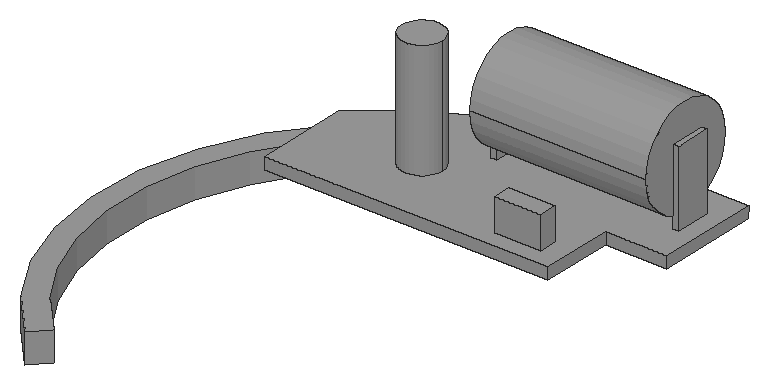
Revit family "2CKA006800A2514", category Electrical Fixtures, host Face, Revit 2014
Parameters
  Default Elevation = 1219.2 mm
Reference planes
  plane 1 "Center (Front/Back)": y = 0
  plane 2: z = 0
  plane 3 "Center (Left/Right)": x = 0
Forms (mm)
  Extrusion 1, solid, material "White", detail levels medium+fine
    sketch origin (0, 0, 0) x (1, 0, 0) y (0, 1, 0)
      loop
        arc (-34.196, 0) -> (-70.984, -35.736) -> (-56.34, -84.888) r 49.487
        line (-56.34, -84.888) -> (-53.653, -81.925)
        arc (-53.653, -81.925) -> (-68.416, -52.159) -> (-59, -20.294) r 45.487
        line (-59, -20.294) -> (-34.196, -20.294) -> (-34.196, 0)
    from 0 to 5
  Extrusion 2, solid, material "Green", detail levels fine
    sketch origin (0, 0, 0) x (1, 0, 0) y (0, 1, 0)
      loop
        line (0, 0) -> (-34.196, 0)
        arc (-34.196, 0) -> (-47.642, -5.255) -> (-59, -14.166) r 49.487
        line (-59, -14.166) -> (-59, -30) -> (-10.5, -30) -> (-10.5, -17.5) -> (0, -17.5) -> (0, 0)
    from 5 to 7
  Extrusion 3, solid, material "Default", detail levels fine
    sketch origin (0, 0, 0) x (1, 0, 0) y (0, 1, 0)
      loop
        line (-4, -5.25) -> (-4, -11.25) -> (-3, -11.25) -> (-3, -5.25) -> (-4, -5.25)
      loop
        line (-35.196, -5.25) -> (-35.196, -11.25) -> (-34.196, -11.25) -> (-34.196, -5.25) -> (-35.196, -5.25)
    from 7 to 20
  Extrusion 4, solid, material "White", detail levels fine
    sketch origin (0, 0, 0) x (1, 0, 0) y (0, 1, 0)
      loop
        circle (-41.489, -18.146) r 3.5
    from 7 to 27
  Extrusion 5, solid, material "Green", detail levels fine
    sketch origin (0, 0, 0) x (0, 1, 0) y (0, 0, 1)
      loop
        circle (-8.5, 17) r 8.5
    from -34.196 to -4
  Extrusion 6, solid, material "White", detail levels fine
    sketch origin (0, 0, 0) x (1, 0, 0) y (0, 1, 0)
      loop
        line (-22, -23.991) -> (-22, -26.991) -> (-14, -26.991) -> (-14, -23.991) -> (-22, -23.991)
    from 7 to 12.544
  Extrusion 7, solid, material "Green", detail levels medium
    sketch origin (0, 0, 0) x (1, 0, 0) y (0, 1, 0)
      loop
        line (0, 0) -> (-34.196, 0)
        arc (-34.196, 0) -> (-47.642, -5.255) -> (-59, -14.166) r 49.487
        line (-59, -14.166) -> (-59, -30) -> (-10.5, -30) -> (-10.5, -17.5) -> (0, -17.5) -> (0, 0)
    from 5 to 27
  Extrusion 8, solid, material "White", detail levels coarse
    sketch origin (0, 0, 0) x (1, 0, 0) y (0, 1, 0)
      loop
        line (0, 0) -> (-72.376, 0) -> (-72.376, -84.888) -> (0, -84.888) -> (0, 0)
    from 0 to 27
Lines and regions (mm)
  reference lines
    curve 1: line (-36.188, -84.888, 0) -> (-36.188, 0, 0)
Dimensions and locks
  aligned and locked: plane 2 to host face
  aligned and locked: level to host face
